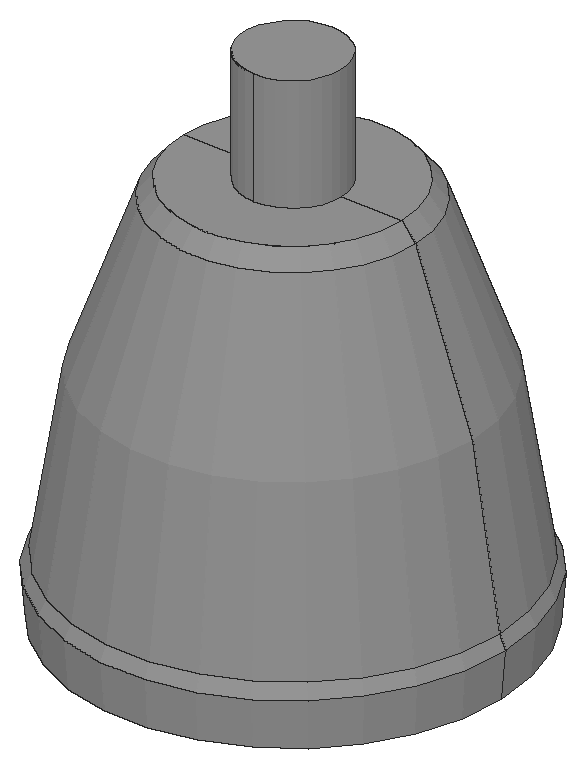
Revit family "AD-P.SUB", category Communication Devices, Revit 2015
Parameters
  Weight Product (lb) = 16.5
  Weight Product (kg) = 7.5
  URL = "https://www.qsc.com/systems/products/loudspeakers/small-format-subsat/acousticdesign-series-subsat-loudspeakers/ad-p-sub/"
  Sensitivity = 86
  SPL Max = 100
  Regulatory Compliance = "UL1480, Transformer UL registered per UL1876, ROHS, CE compliant"
  Product Page URL = "https://www.qsc.com/systems/products/loudspeakers/small-format-subsat/acousticdesign-series-subsat-loudspeakers/ad-p-sub/"
  Product Documentation Link = "https://www.qsc.com/resource-files/productresources/spk/ad/ad-p.sub/q_spk_ad-p_sub_specs.pdf"
  Model = "AD-P.SUB"
  Manufacturer URL = "www.qsc.com"
  Manufacturer = "QSC"
  Grille Material [instance] = White Powder Coated Mesh
  Enclosure Material [instance] = White Finish
  Diameter = 346 mm
  Description = "6.5-inch Dual Voice Coil, Small Format Pendant Subwoofer"
  Depth = 350 mm
  Default Elevation = 0 mm
  Coverage = "Omnidirectional"
Reference planes
  plane 1 "Center (Front/Back)": y = 0
  plane 2 "Center (Elevation)": z = 0
  plane 3 "Center (Left/Right)": x = 0
  plane 4: y = 118.518
  plane 5: y = -118.518
  plane 6 "RP1": through (0, 0, 1219.2) normal (-0.9563, -0.2924, 0)
  plane 7 "RP2": through (0, 0, 1219.2) normal (-0.9563, 0.2924, 0)
  plane 8 "RP3": through (0, 0, 1219.2) normal (0.225, 0.9744, 0)
  plane 9 "RP4": through (0, 0, 1219.2) normal (0.7314, 0.682, 0)
  plane 10 "RP5": through (0, 0, 1219.2) normal (0.7314, -0.682, 0)
  plane 11 "RP6": through (0, 0, 1219.2) normal (0.225, -0.9744, 0)
  plane 12: y = 175
  plane 13: y = -175
Forms (mm)
  Revolve 1, solid, material "White Finish" <- "Enclosure Material"
    sketch origin (0, 0, -29.3) x (1, 0, 0) y (0, 0, 1)
      loop
        line (-153.002, 29.3) -> (-153.658, 36.8) -> (0, 36.8) -> (0, 355) -> (-90.567, 355) -> (-101.716, 341.713)
        arc (-101.716, 341.713) -> (-148.874, 212.665) -> (-170.98, 77.061) r 728.96
        line (-170.98, 77.061) -> (-176.322, 66.378) -> (-173.078, 29.3) -> (-153.002, 29.3)
      axis (0, 355) -> (0, 29.3)
    angle from 0 to 360
  Revolve 2, solid
    sketch origin (0, 0, -7.395) x (1, 0, 0) y (0, 0, 1)
      loop
        line (0, 37) -> (-155.657, 37) -> (-154.716, 25.09) -> (0, 25.09) -> (0, 37)
      axis (0, 37) -> (0, 25.09)
    angle from 0 to 360
  Revolve 3, solid, material "White Powder Coated Mesh" <- "Grille Material"
    sketch origin (0, 0, -29.3) x (1, 0, 0) y (0, 0, 1)
      loop
        line (0, 59.186) -> (-155.57, 59.186) -> (-153.004, 29.3) -> (0, 29.3) -> (0, 59.186)
      axis (0, 59.186) -> (0, 29.3)
    angle from 0 to 360
  Extrusion 4, solid, material "White Finish" <- "Enclosure Material"
    sketch origin (0, 34.063, 292.96) x (0, -1, 0) y (1, 0, 0)
      loop
        circle (34, 0) r 40
    from 32.74 to 127.04
Dimensions and locks
  equal spacing: plane 12, plane 1 "Center (Front/Back)", plane 13
  "Depth": plane 12 to plane 13
  aligned and locked: plane 2 "Center (Elevation)" to level
Automatic sketch dimensions
  Revolve 3 sketch curve to level = 0 mm
  Revolve 3 sketch curve to plane 3 "Center (Left/Right)" = 0 mm  (x2)
  Revolve 3 sketch curve to Revolve 3 sketch curve = 153.004 mm
  level to Revolve 3 sketch curve = 29.886 mm
  Revolve 3 sketch curve to Revolve 3 sketch curve = 2.566 mm
  level to Revolve 3 sketch curve = 0.7 mm
  Revolve 3 sketch curve to Revolve 3 sketch curve = 4.3 mm
  Revolve 1 sketch curve to level = 0 mm
  Revolve 1 sketch curve to plane 3 "Center (Left/Right)" = 0 mm  (x2)
  Revolve 1 sketch curve to Revolve 1 sketch curve = 90.567 mm
  Revolve 1 sketch curve to Revolve 1 sketch curve = 11.149 mm
  Revolve 1 sketch curve to plane 3 "Center (Left/Right)" = 153.002 mm
  level to Revolve 1 sketch curve = 7.5 mm
  Revolve 1 sketch curve to Revolve 1 sketch curve = 0.656 mm
  level to Revolve 1 sketch curve = 47.761 mm
  Revolve 1 sketch curve to Revolve 1 sketch curve = 17.322 mm
  Revolve 1 sketch curve to Revolve 1 sketch curve = 20.076 mm
  level to Revolve 1 sketch curve = 37.078 mm
  Revolve 1 sketch curve to Revolve 1 sketch curve = 5.342 mm
  Revolve 1 sketch curve to level = 1.201 mm
  plane 3 "Center (Left/Right)" to Revolve 1 sketch curve = 556.334 mm
  Revolve 1 sketch curve to Revolve 1 sketch curve = 13.287 mm
  Revolve 1 sketch curve to Revolve 1 sketch curve = 22.386 mm
  Revolve 1 sketch curve to Revolve 1 sketch curve = 0 mm
  Revolve 2 sketch curve to plane 3 "Center (Left/Right)" = 0 mm  (x2)
  level to Revolve 2 sketch curve = 17.695 mm
  Revolve 2 sketch curve to Revolve 2 sketch curve = 154.716 mm
  level to Revolve 2 sketch curve = 29.605 mm
  Revolve 2 sketch curve to Revolve 2 sketch curve = 0.941 mm
  Revolve 2 sketch curve to Revolve 2 sketch curve = 0 mm
  Revolve 2 sketch curve to level = 7.395 mm
  Extrusion 4 sketch curve to plane 3 "Center (Left/Right)" = 0 mm
  plane 1 "Center (Front/Back)" to Extrusion 4 sketch curve = 0.063 mm
  radius of Extrusion 4 sketch curve = 40 mm
Nested families
  nested 1: "QSC Logo" at (25.904, -17.042, 0) x (-1, 0, 0) z (0, 0, -1), type "QSC Logo"
Definition of nested family "QSC Logo"
  Parameters (values of type "QSC Logo")
    logo material = none
    Default Elevation = 1219.2 mm
  Reference planes
    plane 1 "Center (Front/Back)": y = 0
    plane 2: z = 0
    plane 3 "Center (Left/Right)": x = 0
  Forms (mm)
    Extrusion 1, solid
      sketch origin (0, 0, 0) x (1, 0, 0) y (0, 1, 0)
        loop
          line (-1219.2, 1219.2) -> (-1219.2, -1219.2) -> (1219.2, -1219.2) -> (1219.2, 1219.2) -> (-1219.2, 1219.2)
      from 0 to -304.8
    Extrusion 2, solid, material <- "logo material"
      sketch origin (0, 44.45, 0) x (1, 0, 0) y (0, 1, 0)
        loop
          arc (8.318, -21.622) -> (7.931, -21.782) -> (7.771, -22.169) r 0.547
          line (7.771, -22.169) -> (7.771, -32.59)
          arc (7.771, -32.59) -> (7.945, -33.011) -> (8.366, -33.185) r 0.595
          line (8.366, -33.185) -> (46.081, -33.185)
          arc (46.081, -33.185) -> (46.502, -33.011) -> (46.676, -32.59) r 0.595
          line (46.676, -32.59) -> (46.676, -22.218)
          arc (46.676, -22.218) -> (46.502, -21.797) -> (46.081, -21.622) r 0.595
          line (46.081, -21.622) -> (8.318, -21.622)
      from 0 to 0.794
  Lines and regions (mm)
    reference lines, not visible
      curve 1: line (189.517, -42.77, 0) -> (204.093, -42.77, 0)
      curve 2: line (189.517, -42.77, 0) -> (204.093, -42.77, 0)
      curve 3: line (193.096, -43.165, 0) -> (192.51, -41.876, 0)
      curve 4: line (193.096, -44.165, 0) -> (192.382, -41.375, 0)
      curve 5: line (192.51, -41.876, 0) -> (193.096, -43.165, 0)
      curve 6: line (192.382, -41.375, 0) -> (193.096, -44.165, 0)
      curve 7: line (196.553, -42.77, 0) -> (197.267, -42.4, 0)
      curve 8: line (196.553, -42.77, 0) -> (197.267, -42.4, 0)
      curve 9: line (199.332, -42.65, 0) -> (200.349, -42.65, 0)
      curve 10: line (199.332, -42.65, 0) -> (200.349, -42.65, 0)
    model lines
      curve 11: line (30.081, 15.499, 0.794) -> (27.121, 19.399, 0.794)
      curve 12: line (27.121, 19.399, 0.794) -> (30.081, 15.499, 0.794)
      curve 13: line (16.39, 15.986, 0.794) -> (17.509, 20.009, 0.794)
      curve 14: line (17.509, 20.009, 0.794) -> (16.39, 15.986, 0.794)
      curve 15: line (18.258, 13.323, 0.794) -> (17.424, 20.767, 0.794)
      curve 16: line (17.424, 20.767, 0.794) -> (18.258, 13.323, 0.794)
      curve 17: line (34.045, 18.531, 0.794) -> (36.684, 16.592, 0.794)
      curve 18: line (36.684, 16.592, 0.794) -> (34.045, 18.531, 0.794)
  Text (mm)
    text "42T" at (-17.799, 33.327, 0), in view "Ref. Level"
    text "81Tw" at (-17.799, 17.071, 0), in view "Ref. Level"
    text "52T" at (-17.799, -4.651, 0), in view "Ref. Level"
    text "52ST" at (-17.799, -29.568, 0), in view "Ref. Level"
  Dimensions and locks
    aligned and locked: plane 2 to Extrusion 1
    aligned and locked: level to Extrusion 1
